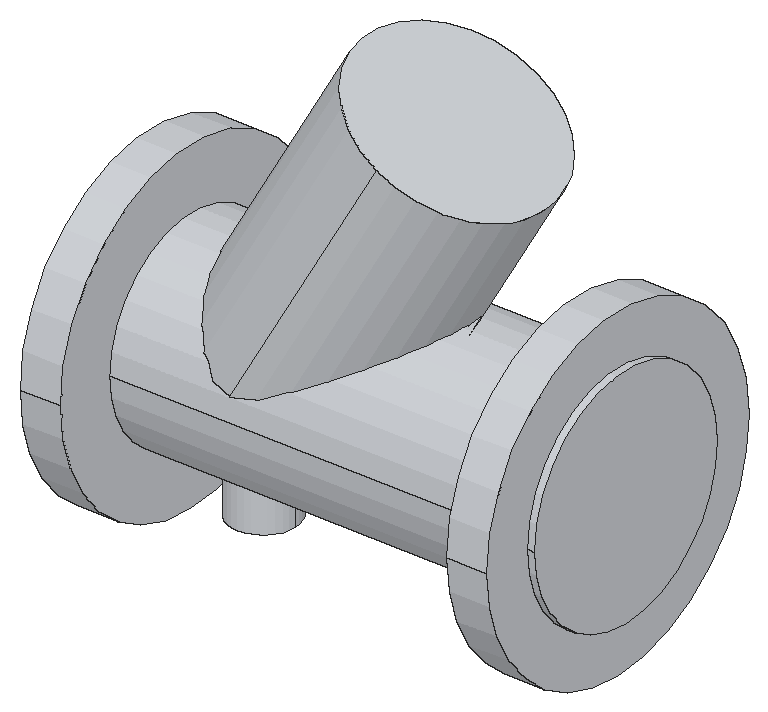
Revit family "HS 821-síto_standard-PN40-DN125-RFA_2019", category Pipe Accessories, Revit 2019
Family settings
  Round Connector Dimension = Use Diameter
  Part Type = Breaks Into
  Work Plane-Based = No
  Always vertical = Yes
  Cut with Voids When Loaded = No
  Shared = No
Parameters (values of type "821F-DN125-PN40-síto_standard")
  magiProductId = "cf073904c006406b8645afa67ea2fc"
  magiProductFamilyId = "79214ac3aaa945e397802f559f5c1e"
  magiPartTypeId = 307
  isMeasuringValve [instance] = no
  ang2D [instance] = 0.00°
  ZB__ve = -ZB  # -42.5 mm
  ZB1 = 76.14 mm
  ZB = 42.5 mm
  X2 = 131.888 mm
  X1 = 56 mm
  W2D = 15 mm
  VersionID = "2.0/2017.9.26.1/ZETKAMA_821_001"
  Use Minimum Symbol Size [instance] = yes
  URL = "www.hydronic.cz"
  Type Comments = "Filtr přírubový; síto standardní; A-PN16 (-10~300°C); D-PN25 (-10~350°C); F-PN40 (-10~400°C)"
  S = 188 mm
  QmdConnectorList = "301;D;302;D"
  Productdata [instance] = ""
  Manufacturer = "Hydronic Systems Prague s.r.o."
  MC Product Code = "240 691 (821F; DN125; PN40; kvs326,2; oko síta 1,6mm)"
  LM1 = 32 mm
  LM = 320 mm
  L4 = 100 mm
  L2D_Min = 3048 mm
  L2D = 130 mm
  L2 = 200 mm
  HH2 = 228.438 mm
  FD = 270 mm
  Description = "Filtr přírubový; síto standardní; 821A-PN16; 821D-PN25; 821F-PN40"
  DM1 = 165 mm
  DM = 169.2 mm
  D = 125 mm
  CC = 6.8 mm
  CAT0 = yes
  C1 = 33.2 mm
  C = 40 mm
  BD = 53.298 mm
Types (40, lengths in mm): name | magiProductId | ZB__ve | ZB1 | ZB | X2 | X1 | S | MC Product Code | LM1 | LM | L4 | L2 | HH2 | FD | DM1 | DM | D | CC | C1 | C | BD
  821A-DN015-PN16-síto_standard | "a71bcfe8b393460598b23e8ddf7dc5" | -16.25 | 18.63 | 16.25 | 46.982 | 18.2 | 46 | "200 115 (821A; DN015; PN16; kvs6,3; oko síta 1,00mm)" | 10.4 | 104 | 32.5 | 65 | 81.375 | 95 | 27.6 | 41.4 | 15 | 2.21 | 10.79 | 13 | 13.041
  821A-DN020-PN16-síto_standard | "41cd6c7a12924f4991217528336076" | -17.75 | 22.68 | 17.75 | 51.673 | 21 | 56 | "200 120 (821A; DN020; PN16; kvs11,2; oko síta 1,00mm)" | 12 | 120 | 37.5 | 75 | 89.5 | 105 | 33.6 | 50.4 | 20 | 2.55 | 12.45 | 15 | 15.876
  821A-DN025-PN16-síto_standard | "be378b463ed14c3abf4c9b3ae8cf3a" | -19.25 | 26.325 | 19.25 | 58.601 | 22.4 | 65 | "200 125 (821A; DN025; PN16; kvs14,7; oko síta 1,00mm)" | 12.8 | 128 | 40 | 80 | 101.5 | 115 | 43.2 | 58.5 | 25 | 2.72 | 13.28 | 16 | 18.427
  821A-DN032-PN16-síto_standard | "227a0d18b21540afabe8b6067d35fa" | -23 | 30.78 | 23 | 68.849 | 25.2 | 76 | "200 132 (821A; DN032; PN16; kvs23,7; oko síta 1,00mm)" | 14.4 | 144 | 45 | 90 | 119.25 | 140 | 50.4 | 68.4 | 32 | 3.06 | 14.94 | 18 | 21.546
  821A-DN040-PN16-síto_standard | "d106917c74724141a10440112d0102" | -24.5 | 34.02 | 24.5 | 75.777 | 28 | 84 | "200 140 (821A; DN040; PN16; kvs37,7; oko síta 1,00mm)" | 16 | 160 | 50 | 100 | 131.25 | 150 | 60 | 75.6 | 40 | 3.4 | 16.6 | 20 | 23.814
  821A-DN050-PN16-síto_standard | "8255d456a09e4f6486734f5dd9171b" | -26.75 | 40.095 | 26.75 | 79.061 | 32.2 | 99 | "200 150 (821A; DN050 PN16; kvs57,9; oko síta 1,00mm)" | 18.4 | 184 | 57.5 | 115 | 136.938 | 165 | 73.8 | 89.1 | 50 | 3.91 | 19.09 | 23 | 28.066
  821A-DN065-PN16-síto_standard | "235b1b3e4c0843779a4d5e3716d40a" | -29.75 | 47.79 | 29.75 | 86.927 | 40.6 | 118 | "200 165 (821A; DN065; PN16; kvs101,5; oko síta 1,25mm)" | 23.2 | 232 | 72.5 | 145 | 150.562 | 185 | 94.2 | 106.2 | 65 | 4.93 | 24.07 | 29 | 33.453
  821A-DN080-PN16-síto_standard | "a067f7c5236348ed8c820d16df7214" | -32 | 53.46 | 32 | 104.753 | 43.4 | 132 | "200 180 (821A; DN080; PN16; kvs147,4; oko síta 1,25mm)" | 24.8 | 248 | 77.5 | 155 | 181.438 | 200 | 107.4 | 118.8 | 80 | 5.27 | 25.73 | 31 | 37.422
  821A-DN100-PN16-síto_standard | "c49a648c2747461285837d643703cd" | -35 | 63.18 | 35 | 114.857 | 49 | 156 | "200 190 (821A; DN100; PN16; kvs209,6; oko síta 1,60mm)" | 28 | 280 | 87.5 | 175 | 198.937 | 220 | 131.4 | 140.4 | 100 | 5.95 | 29.05 | 35 | 44.226
  821A-DN125-PN16-síto_standard | "bf68e728a163493cbd2a663b26ebdc" | -39.5 | 74.52 | 39.5 | 131.888 | 56 | 184 | "200 191 (821A; DN125; PN16; kvs326,2; oko síta 1,60mm)" | 32 | 320 | 100 | 200 | 228.438 | 250 | 165 | 165.6 | 125 | 6.8 | 33.2 | 40 | 52.164
  821A-DN150-PN16-síto_standard | "2de770284b654863ae6bc865769dc5" | -44.75 | 85.455 | 44.75 | 155.885 | 67.2 | 211 | "200 192 (821A; DN150; PN16; kvs403; oko síta 1,60mm)" | 38.4 | 384 | 120 | 240 | 270 | 285 | 192 | 189.9 | 150 | 8.16 | 39.84 | 48 | 59.818
  821A-DN200-PN16-síto_standard | "8e5693371ab64aabb29a7f08c76e15" | -53 | 107.73 | 53 | 188.361 | 84 | 266 | "200 193 (821A; DN200; PN16; kvs707; oko síta 1,60mm)" | 48 | 480 | 150 | 300 | 326.25 | 340 | 252 | 239.4 | 200 | 10.2 | 49.8 | 60 | 75.411
  821A-DN250-PN16-síto_standard | "05e37ed948c34047acdd4c42556504" | -62.75 | 129.195 | 62.75 | 255.911 | 102.2 | 319 | "200 194 (821A; DN250; PN16; kvs1234; oko síta 1,60mm)" | 58.4 | 584 | 182.5 | 365 | 443.25 | 405 | 309.6 | 287.1 | 250 | 12.41 | 60.59 | 73 | 90.436
  821A-DN300-PN16-síto_standard | "9ad0af747269428da925480d83ce80" | -71 | 149.85 | 71 | 325.914 | 119 | 370 | "200 195 (821A; DN300; PN16; kvs1916; oko síta 1,60mm)" | 68 | 680 | 212.5 | 425 | 564.5 | 460 | 369.6 | 333 | 300 | 14.45 | 70.55 | 85 | 104.895
  821A-DN350-PN16-síto_standard | "eebc71459bb3451bb4355e7951370a" | -80 | 173.745 | 80 | 356.875 | 137.2 | 429 | "200 196 (821A; DN350; PN16; kvs2621; oko síta 1,60mm)" | 78.4 | 784 | 245 | 490 | 618.125 | 520 | 438 | 386.1 | 350 | 16.66 | 81.34 | 98 | 121.621
  821A-DN400-PN16-síto_standard | "d2f677cb196647e385b2590e7d8abe" | -89 | 194.4 | 89 | 392.237 | 154 | 480 | "200 197 (821A; DN400; PN16; kvs3460; oko síta 1,60mm)" | 88 | 880 | 275 | 550 | 679.375 | 580 | 498 | 432 | 400 | 18.7 | 91.3 | 110 | 136.08
  821D-DN015-PN25-síto_standard | "27ddcbf555414f8ca1fde329bf9087" | -16.25 | 18.63 | 16.25 | 46.982 | 18.2 | 46 | "200 215 (821D; DN015; PN25; kvs6,3; oko síta 1,00mm)" | 10.4 | 104 | 32.5 | 65 | 81.375 | 95 | 27.6 | 41.4 | 15 | 2.21 | 10.79 | 13 | 13.041
  821D-DN020-PN25-síto_standard | "270e0f14012f47189cd0235c18faee" | -17.75 | 22.68 | 17.75 | 51.673 | 21 | 56 | "200 220 (821D; DN020; PN25; kvs11,2; oko síta 1,00mm)" | 12 | 120 | 37.5 | 75 | 89.5 | 105 | 33.6 | 50.4 | 20 | 2.55 | 12.45 | 15 | 15.876
  821D-DN025-PN25-síto_standard | "b9a7fb4aa36643878c637d8e1ab992" | -19.25 | 26.325 | 19.25 | 58.601 | 22.4 | 65 | "200 225 (821D; DN025; PN25; kvs14,7; oko síta 1,00mm)" | 12.8 | 128 | 40 | 80 | 101.5 | 115 | 43.2 | 58.5 | 25 | 2.72 | 13.28 | 16 | 18.427
  821D-DN032-PN25-síto_standard | "6be9a55c4e68400f94eec7e804204c" | -23 | 30.78 | 23 | 68.849 | 25.2 | 76 | "200 232 (821D; DN032; PN25; kvs23,7; oko síta 1,00mm)" | 14.4 | 144 | 45 | 90 | 119.25 | 140 | 50.4 | 68.4 | 32 | 3.06 | 14.94 | 18 | 21.546
  821D-DN040-PN25-síto_standard | "c54511bd7f584ec2984291479612cb" | -24.5 | 34.02 | 24.5 | 75.777 | 28 | 84 | "200 240 (821D; DN040; PN25; kvs37,7; oko síta 1,00mm)" | 16 | 160 | 50 | 100 | 131.25 | 150 | 60 | 75.6 | 40 | 3.4 | 16.6 | 20 | 23.814
  821D-DN050-PN25-síto_standard | "5483b1f596b04cd39b23a14a22c90e" | -26.75 | 40.095 | 26.75 | 79.061 | 32.2 | 99 | "200 250 (821D; DN050; PN25; kvs57,9; oko síta 1,00mm)" | 18.4 | 184 | 57.5 | 115 | 136.938 | 165 | 73.8 | 89.1 | 50 | 3.91 | 19.09 | 23 | 28.066
  821D-DN065-PN25-síto_standard | "767b0f8318e94750bc7a9930ed5b30" | -29.75 | 47.79 | 29.75 | 86.927 | 40.6 | 118 | "200 265 (821D; DN065; PN25; kvs101,5; oko síta 1,25mm)" | 23.2 | 232 | 72.5 | 145 | 150.562 | 185 | 94.2 | 106.2 | 65 | 4.93 | 24.07 | 29 | 33.453
  821D-DN080-PN25-síto_standard | "e21040fa3cc2404b858198f6b73709" | -32 | 53.46 | 32 | 104.753 | 43.4 | 132 | "200 280 (821D; DN080; PN25; kvs147,4; oko síta 1,25mm)" | 24.8 | 248 | 77.5 | 155 | 181.438 | 200 | 107.4 | 118.8 | 80 | 5.27 | 25.73 | 31 | 37.422
  821D-DN100-PN25-síto_standard | "175ca87a506b40b3bc6b82f12f33cf" | -37.25 | 63.18 | 37.25 | 114.857 | 49 | 156 | "200 290 (821D; DN100; PN25; kvs209,6; oko síta 1,60mm)" | 28 | 280 | 87.5 | 175 | 198.937 | 235 | 131.4 | 140.4 | 100 | 5.95 | 29.05 | 35 | 44.226
  821D-DN125-PN25-síto_standard | "77cc98d60da24855999a22dff726b2" | -42.5 | 74.52 | 42.5 | 131.888 | 56 | 184 | "200 291 (821D; DN125; PN25; kvs326,2; oko síta 1,60mm)" | 32 | 320 | 100 | 200 | 228.438 | 270 | 165 | 165.6 | 125 | 6.8 | 33.2 | 40 | 52.164
  821D-DN150-PN25-síto_standard | "9cf8acfcd15547d68e83172d3abcbe" | -47 | 85.455 | 47 | 155.885 | 67.2 | 211 | "200 292 (821D; DN150; PN25; kvs403; oko síta 1,60mm)" | 38.4 | 384 | 120 | 240 | 270 | 300 | 192 | 189.9 | 150 | 8.16 | 39.84 | 48 | 59.818
  821D-DN200-PN25-síto_standard | "16973f3c9ea14389ba8602495a6b64" | -56 | 110.97 | 56 | 188.361 | 84 | 274 | "200 293 (821D; DN200; PN25; kvs707; oko síta 1,60mm)" | 48 | 480 | 150 | 300 | 326.25 | 360 | 252 | 246.6 | 200 | 10.2 | 49.8 | 60 | 77.679
  821F-DN015-PN40-síto_standard | "4c7eaf3c4c0340888b3e684d8a8616" | -16.25 | 18.225 | 16.25 | 46.982 | 18.2 | 45 | "240 615 (821F; DN015; PN40; kvs6,3; oko síta 1,00mm)" | 10.4 | 104 | 32.5 | 65 | 81.375 | 95 | 27.6 | 40.5 | 15 | 2.21 | 10.79 | 13 | 12.757
  821F-DN020-PN40-síto_standard | "aaac5f1ec96b44d6ba96ac2293d66d" | -17.75 | 23.49 | 17.75 | 51.673 | 21 | 58 | "240 620 (821F; DN020; PN40; kvs11,2; oko síta 1,00mm)" | 12 | 120 | 37.5 | 75 | 89.5 | 105 | 33.6 | 52.2 | 20 | 2.55 | 12.45 | 15 | 16.443
  821F-DN025-PN40-síto_standard | "504768023968471481789485b54c7e" | -19.25 | 27.54 | 19.25 | 58.601 | 22.4 | 68 | "240 625 (821F; DN025; PN40; kvs14,7; oko síta 1,00mm)" | 12.8 | 128 | 40 | 80 | 101.5 | 115 | 43.2 | 61.2 | 25 | 2.72 | 13.28 | 16 | 19.278
  821F-DN032-PN40-síto_standard | "165e7f39cf744f329bdf1c400dad12" | -23 | 31.59 | 23 | 68.849 | 25.2 | 78 | "240 632 (821F; DN032; PN40; kvs23,7; oko síta 1,00mm)" | 14.4 | 144 | 45 | 90 | 119.25 | 140 | 50.4 | 70.2 | 32 | 3.06 | 14.94 | 18 | 22.113
  821F-DN040-PN40-síto_standard | "b8903f952089408fbf3a5a632bab1f" | -24.5 | 35.64 | 24.5 | 75.777 | 28 | 88 | "240 640 (821F; DN040; PN40; kvs37,7; oko síta 1,00mm)" | 16 | 160 | 50 | 100 | 131.25 | 150 | 60 | 79.2 | 40 | 3.4 | 16.6 | 20 | 24.948
  821F-DN050-PN40-síto_standard | "c451f97266fe48da8f879cb6a2bd44" | -26.75 | 41.31 | 26.75 | 79.061 | 32.2 | 102 | "240 650 (821F; DN050; PN40; kvs57,9; oko síta 1,00mm)" | 18.4 | 184 | 57.5 | 115 | 136.938 | 165 | 73.8 | 91.8 | 50 | 3.91 | 19.09 | 23 | 28.917
  821F-DN065-PN40-síto_standard | "dc9821e3f9b34e128f6a8c6b34c198" | -29.75 | 49.41 | 29.75 | 86.927 | 40.6 | 122 | "240 665 (821F; DN065; PN40; kvs101,5; oko síta 1,25mm)" | 23.2 | 232 | 72.5 | 145 | 150.562 | 185 | 94.2 | 109.8 | 65 | 4.93 | 24.07 | 29 | 34.587
  821F-DN080-PN40-síto_standard | "689aa1e260f84cf4994f027a1d86b5" | -32 | 55.89 | 32 | 104.753 | 43.4 | 138 | "240 680 (821F; DN080; PN40; kvs147,4; oko síta 1,25mm)" | 24.8 | 248 | 77.5 | 155 | 181.438 | 200 | 107.4 | 124.2 | 80 | 5.27 | 25.73 | 31 | 39.123
  821F-DN100-PN40-síto_standard | "8a45d4e8e2ab425f8c432f21d684f3" | -37.25 | 65.61 | 37.25 | 114.857 | 49 | 162 | "240 690 (821F; DN100; PN40; kvs209,6; oko síta 1,6mm)" | 28 | 280 | 87.5 | 175 | 198.937 | 235 | 131.4 | 145.8 | 100 | 5.95 | 29.05 | 35 | 45.927
  821F-DN125-PN40-síto_standard | "cf073904c006406b8645afa67ea2fc" | -42.5 | 76.14 | 42.5 | 131.888 | 56 | 188 | "240 691 (821F; DN125; PN40; kvs326,2; oko síta 1,6mm)" | 32 | 320 | 100 | 200 | 228.438 | 270 | 165 | 169.2 | 125 | 6.8 | 33.2 | 40 | 53.298
  821F-DN150-PN40-síto_standard | "0153b9ddabe14992a630484929fdbc" | -47 | 88.29 | 47 | 155.885 | 67.2 | 218 | "240 692 (821F; DN150; PN40; kvs403; oko síta 1,6mm)" | 38.4 | 384 | 120 | 240 | 270 | 300 | 192 | 196.2 | 150 | 8.16 | 39.84 | 48 | 61.803
  821F-DN200-PN40-síto_standard | "7fb3fc01dd8d42428c203e3f8dd4d5" | -56 | 115.425 | 56 | 188.361 | 84 | 285 | "240 693 (821F; DN200; PN40; kvs707; oko síta 1,6mm)" | 48 | 480 | 150 | 300 | 326.25 | 360 | 252 | 256.5 | 200 | 10.2 | 49.8 | 60 | 80.797
Reference planes
  plane 1 "Center (Front/Back)": y = 0
  plane 2 "XYPLANE": z = 0
  plane 3 "Center (Left/Right)": x = 0
  plane 4 "109": x = -128
  plane 5 "108": x = 160
  plane 6 "107": x = -160
  plane 7 "105": x = 200
  plane 8 "104": x = -200
  plane 9 "103": y = 0
  plane 10 "102": z = 0
  plane 11 "101": x = -193.2
  plane 12 "100": x = 193.2
  plane 13 "11": x = -72
  plane 14 "10": z = 228.438
  plane 15 "9": x = 59.888
  plane 16 "5": z = -76.14
  plane 17 "4": x = -100
  plane 18 "1": x = 100
Forms (mm)
  Extrusion 1, solid, visible <- "CAT0"
    sketch origin (-160, -750, 0) x (0, 1, 0) y (0, 0, 1)
      loop
        circle (750, 0) r 84.6
    from 0 to 320 <- "LM"
  Extrusion 2, solid
    sketch origin (-200, -750, 0) x (0, 1, 0) y (0, 0, 1)
      loop
        circle (750, 0) r 94
    from 0 to 6.8 <- "CC"
  Extrusion 3, solid
    sketch origin (-193.2, -750, 0) x (0, 1, 0) y (0, 0, 1)
      loop
        circle (750, 0) r 135
    from 0 to 33.2 <- "C1"
  Extrusion 4, solid
    sketch origin (160, -750, 0) x (0, 1, 0) y (0, 0, 1)
      loop
        circle (750, 0) r 135
    from 0 to 33.2 <- "C1"
  Extrusion 5, solid
    sketch origin (193.2, -750, 0) x (0, 1, 0) y (0, 0, 1)
      loop
        circle (750, 0) r 94
    from 0 to 6.8 <- "CC"
  Sweep 6, solid, visible <- "CAT0"
    path origin (750, 0, 0) x (-1, 0, 0) y (0, 0, 1)
      loop
        line (910, 0) -> (822, 0) -> (690.112, 228.438)
    profile origin (-160, 0, 0) x (0, 0, -1) y (0, 1, 0)
      loop
        circle (0, 0) r 82.5
  Extrusion 7, solid, visible <- "CAT0"
    sketch origin (-750, 0, -76.14) x (1, 0, 0) y (0, 1, 0)
      loop
        circle (650, 0) r 26.649
    from 0 to -42.5 <- "ZB__ve"
  Extrusion 8, solid, visible <- "CAT0"
    sketch origin (-750, 0, -76.14) x (1, 0, 0) y (0, 1, 0)
      loop
        circle (850, 0) r 26.649
    from 0 to -42.5 <- "ZB__ve"
  Extrusion 9, solid, not visible
    sketch origin (200, -750, 0) x (0, 1, 0) y (0, 0, 1)
      loop
        circle (750, 0) r 10
    from 0 to -10
  Extrusion 10, solid, not visible
    sketch origin (-200, -750, 0) x (0, 1, 0) y (0, 0, 1)
      loop
        circle (750, 0) r 10
    from 0 to 10
Lines and regions (mm)
  reference lines, not visible
    curve 1: circle (2, 2, 0) r 1 normal (0, 0, 1)
Dimensions and locks
  plane 1 "Center (Front/Back)" to curve 1 = 2 mm
  "LM1": plane 6 "107" to plane 4 "109"
  "LM": plane 6 "107" to plane 5 "108"
  "C": plane 8 "104" to plane 6 "107"
  "L2": plane 3 "Center (Left/Right)" to plane 7 "105"
  "L2": plane 3 "Center (Left/Right)" to plane 8 "104"
  locked: plane 1 "Center (Front/Back)" to plane 9 "103"
  locked: plane 2 "XYPLANE" to plane 10 "102"
  "CC": plane 8 "104" to plane 11 "101"
  "C1": plane 5 "108" to plane 12 "100"
  "X1": plane 4 "109" to plane 13 "11"
  "HH2": plane 2 "XYPLANE" to plane 14 "10"
  "X2": plane 13 "11" to plane 15 "9"
  "ZB1": plane 2 "XYPLANE" to plane 16 "5"
  "L4": plane 8 "104" to plane 17 "4"
  "L2": plane 17 "4" to plane 18 "1"
  Sweep 6 sketch curve to Sweep 6 sketch curve = 0 mm  (x2)
  "DM": diameter of Extrusion 1 sketch curve
  "S": diameter of Extrusion 2 sketch curve
  "FD": diameter of Extrusion 3 sketch curve
  "FD": diameter of Extrusion 4 sketch curve
  "S": diameter of Extrusion 5 sketch curve
  "DM1": diameter of Sweep 6 sketch curve
  "BD": diameter of Extrusion 7 sketch curve
  "BD": diameter of Extrusion 8 sketch curve
  aligned and locked: level to plane 2 "XYPLANE"
  aligned and locked: Extrusion 1 sketch curve to plane 9 "103"
  aligned and locked: plane 10 "102" to Extrusion 1 sketch curve
  aligned and locked: Extrusion 2 sketch curve to plane 9 "103"
  aligned and locked: plane 10 "102" to Extrusion 2 sketch curve
  aligned and locked: Extrusion 3 sketch curve to plane 9 "103"
  aligned and locked: plane 10 "102" to Extrusion 3 sketch curve
  aligned and locked: Extrusion 4 sketch curve to plane 9 "103"
  aligned and locked: plane 10 "102" to Extrusion 4 sketch curve
  aligned and locked: Extrusion 5 sketch curve to plane 9 "103"
  aligned and locked: plane 10 "102" to Extrusion 5 sketch curve
  aligned and locked: Sweep 6 sketch curve to plane 9 "103"
  aligned and locked: plane 10 "102" to Sweep 6 sketch curve  (x3)
  aligned and locked: plane 6 "107" to Sweep 6 sketch curve
  aligned and locked: plane 13 "11" to Sweep 6 sketch curve
  aligned and locked: plane 14 "10" to Sweep 6 sketch curve
  aligned and locked: plane 15 "9" to Sweep 6 sketch curve
  aligned and locked: plane 9 "103" to Extrusion 7 sketch curve
  aligned and locked: plane 17 "4" to Extrusion 7 sketch curve
  aligned and locked: plane 9 "103" to Extrusion 8 sketch curve
  aligned and locked: plane 18 "1" to Extrusion 8 sketch curve
  aligned and locked: Extrusion 9 sketch curve to plane 9 "103"
  aligned and locked: plane 10 "102" to Extrusion 9 sketch curve
  aligned and locked: Extrusion 10 sketch curve to plane 9 "103"
  aligned and locked: plane 10 "102" to Extrusion 10 sketch curve
Automatic sketch dimensions
  plane 1 "Center (Front/Back)" to Extrusion 9 sketch curve = 10 mm
  plane 1 "Center (Front/Back)" to Extrusion 10 sketch curve = 10 mm
  plane 3 "Center (Left/Right)" to curve 1 = 2 mm
  radius of curve 1 = 1 mm
Connectors
  piping at (-200, 0, 0), diameter 125, driven by "D"
    settings: on Extrusion 10, index 1, connector inside diameter 609.6 mm, connector length 0 mm, flow factor 0, pipe flow 0.0 L/s, pressure drop 0.0 Pa, fitting loss kfactor 0, connector angle 0.00°, fixture units 0, engagement length 0 mm, angle of deflection 0.00°, flow configuration 0, flow direction 0, fitting loss method 0, system type 29, joint type 0, gender type 0, connector reference index 2, connector utility 0, adjustable connector no, is connector primary yes, connector description ""
  piping at (200, 0, 0), diameter 125, driven by "D"
    settings: on Extrusion 9, index 2, connector inside diameter 609.6 mm, connector length 0 mm, flow factor 0, pipe flow 0.0 L/s, pressure drop 0.0 Pa, fitting loss kfactor 0, connector angle 0.00°, fixture units 0, engagement length 0 mm, angle of deflection 0.00°, flow configuration 0, flow direction 0, fitting loss method 0, system type 29, joint type 0, gender type 0, connector reference index 1, connector utility 0, adjustable connector no, is connector primary no, connector description ""
